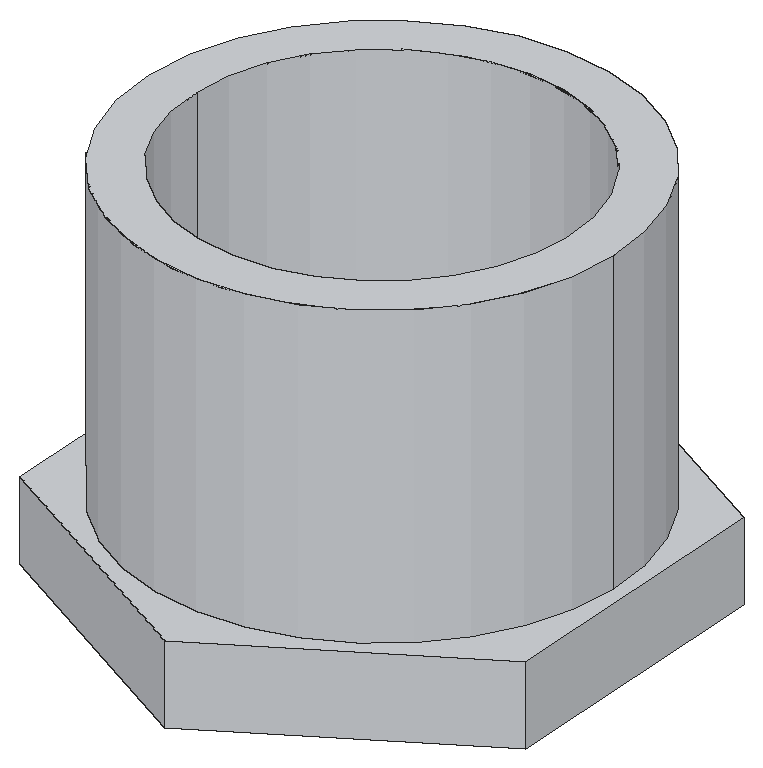
Revit family "HR2B", category Generic Models, Revit 2017
Family settings
  Can host rebar = No
  Round Connector Dimension = Use Diameter
  Part Type = Normal
  Work Plane-Based = Yes
  Always vertical = No
  Cut with Voids When Loaded = No
  Shared = No
  Room Calculation Point = No
Parameters (values of type "NBS Standard Parameters")
  Weight = "0.0292Kg"
  WarrantyStartDate [instance] = "1900-12-31T23:59:59"
  WarrantyGuarantorParts = "n/a"
  WarrantyGuarantorLabor = "n/a"
  WarrantyDurationUnit = "1 year"
  WarrantyDurationParts = "n/a"
  WarrantyDurationLabor = "n/a"
  WarrantyDescription = "n/a"
  Version = "1"
  Uniclass2 = "Pr_65_70_11_20"
  TagNumber [instance] = "n/a"
  SustainabilityPerformance = "n/a"
  Size = "25mm"
  Shape = "Circular"
  SerialNumber [instance] = "n/a"
  Revision = "n/a"
  ReplacementCost = "n/a"
  ProductInformation = "www.metpro.co.uk/pdf/hr2g.pdf"
  NominalWidth = 26.8 mm
  NominalLength = 26.8 mm
  NominalHeight = 20.2 mm
  Name = ""
  NBSTypeID = ""
  NBSReference = "90-55-10/460"
  NBSOfficeMasterTag = ""
  NBSNote = ""
  NBSDescription = "Conduit Fittings"
  NBSCertification = ""
  ModelReference = "HR2B"
  ModelNumber = "n/a"
  Material = "Mild Steel"
  ManufacturerURL = "www.metpro.co.uk"
  ManufacturerName = "Metpro Ltd"
  Keynote = "Compliant to LU Standard 1-085"
  InstallationDate [instance] = "1900-12-31T23:59:59"
  IfcExportType = ""
  IfcExportAs = ""
  Grade = "n/a"
  Finish = "Black"
  Features = "n/a"
  ExpectedLife = "n/a"
  DurationUnit = "year"
  Description = "HR2B  25 - 20mm Conduit Reducer"
  Default Elevation = 1219.2 mm
  Constituents = "n/a"
  Color = "n/a"
  CodePerformance = "n/a"
  Category = "n/a"
  BarCode [instance] = "n/a"
  BIMObjectName = "Metpro_Metprolibrary_Conduitfittings_Metalcomponents_Steelaccessories"
  Author = "Metpro Limited"
  AssetType = ""
  AssetIdentifier [instance] = "n/a"
  AccessibilityPerformance = "n/a"
Reference planes
  plane 1 "Center (Front/Back)": y = 0
  plane 2: z = 0
  plane 3 "Center (Left/Right)": x = 0
Forms (mm)
  Extrusion 1, solid
    sketch origin (-11.449, -7.188, 21.419) x (0, -1, 0) y (1, 0, 0)
      loop
        line (4.882, -12.959) -> (12.078, 0.574) -> (3.956, 13.573) -> (-11.362, 13.038) -> (-18.558, -0.495) -> (-10.436, -13.494) -> (4.882, -12.959)
      loop
        circle (-3.24, 0.039) r 10
    from 0 to 4.2
  Extrusion 2, solid
    sketch origin (-11.449, -7.188, 21.419) x (0, -1, 0) y (1, 0, 0)
      loop
        circle (-3.24, 0.039) r 10
      loop
        circle (-3.24, 0.039) r 12.49
    from 1.124 to 20.254
Dimensions and locks
  aligned and locked: level to plane 2
